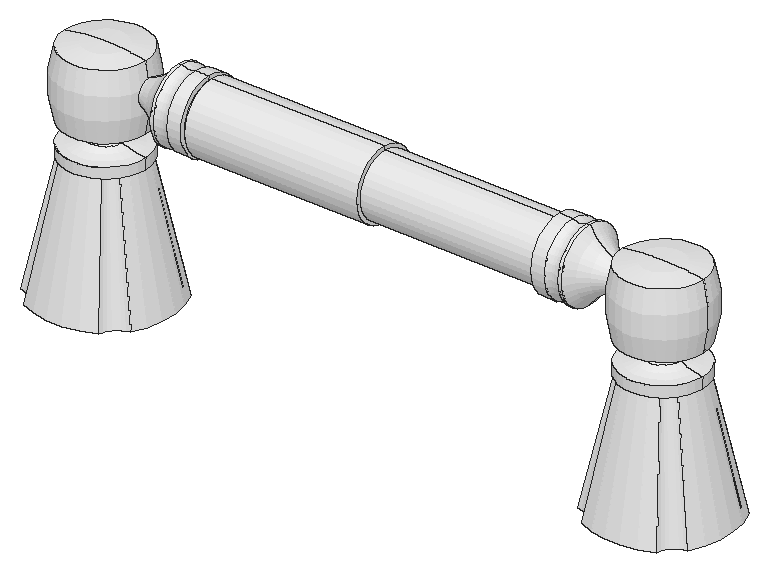
Revit family "Paper-Holder_Traditional_Guinevere_YP970_TOTO", category Furniture, host Face, Revit 2013
Parameters
  ecoScorecard_data = " "
  ecoScorecard Product Page = "  "
  Width = 0' - 9 7/8"  # constant formula
  Warranty URL = "http://www.totousa.com/warranty-registration"
  Warranty = "Lifetime Limited Warranty (Residential Use), One Year (Oil Rubbed Bronze), One Year Limited (Commercial Use)"
  URL = "http://www.totousa.com"
  Toto BIM Number = "BM-00032"  # constant formula
  Subcategory = "Accessories"  # constant formula
  Style = "Traditional"  # constant formula
  Spec Sheet URL = "http://assets.totousa.com/product-files/SS-00005_Y_970.pdf"
  Shipping Weight = 1.00 lbf
  Series = "Guinevere"  # constant formula
  Product Page URL = " "
  Parts Manual URL = " "
  Model = "YP970"  # constant formula
  Manufacturer Toll Free Phone = "1-888-295-8134"  # constant formula
  Manufacturer Phone = "(770) 282-8686 "  # constant formula
  Manufacturer Fax = "(770) 282-0002"  # constant formula
  Manufacturer Email = "mailto:custservice@totousa.com "
  Manufacturer Address = "1155 Southern Road, Morrow, Georgia 30260"  # constant formula
  Manufacturer = "TOTO USA, Inc."  # constant formula
  Height = 0' - 1 27/32"  # constant formula
  Finish = Metal - TOTO - Chrome - Polished
  Description = "Paper Holder"  # constant formula
  Depth = 0' - 3 1/4"  # constant formula
  Default Elevation = 2' - 0"  # constant formula
  Cost Info = "mailto:custservice@totousa.com "
  Color Availability = "#CP  Polished Chrome, #BN  Brushed Nickel, #PN  Polished Nickel, #RB Oil Rubbed Bronze"
  CAD Drawing URL = "http://assets.totousa.com/product-files/AD-00112_YP970.dxf"
  Assembly Code = "C1030220"
  95 CSI = "10800"
  04 CSI = "10 28 00"
Reference planes (in)
  plane 1 "Center (Front/Back)": y = 0
  plane 2: z = 0
  plane 3 "Center (Left/Right)": x = 0
  plane 4: x = 4.9375
  plane 5: x = -4.9375
  plane 6: x = 4.00781
  plane 7: x = -4.00781
  plane 8: z = 1.78
  plane 9: z = 3.25
  plane 10: y = -0.92187
  plane 11: y = 0.92187
  plane 12: z = 2.79687
Dimensions and locks (in)
  equal spacing: plane 5, plane 3 "Center (Left/Right)", plane 4
  "Width": plane 5 to plane 4
  equal spacing: plane 7, plane 3 "Center (Left/Right)", plane 6
  locked: plane 7 to plane 6 at 8.01563
  "Depth": plane 9 to plane 2
  locked: plane 8 to plane 2 at 1.78
  equal spacing: plane 11, plane 1 "Center (Front/Back)", plane 10, locked at 0.92187 each
  "Height": plane 11 to plane 10
  locked: plane 12 to plane 2 at 2.79688
  aligned and locked: plane 2 to host face
  aligned and locked: level to host face
  aligned and locked: plane 1 "Center (Front/Back)" to nested 1
  aligned and locked: plane 3 "Center (Left/Right)" to nested 1
Automatic sketch dimensions
  host sketch curve to host sketch curve = 2' - 0"  (x2)
Nested families (in)
  nested 1: "YP970" at (0, 0, 0), type "YP970"
Definition of nested family "YP970"
  Parameters (values of type "YP970")
    Width = 0' - 9 55/64"  # constant formula
    URL = ""
    Shipping Weight = 1.00 lbf
    Model = "YP970"
    Manufacturer = ""
    Height = 0' - 1 27/32"  # constant formula
    Finish = Metal - TOTO - Chrome - Polished
    Description = "Paper Holder"  # constant formula
    Depth = 0' - 3 15/64"  # constant formula
    Default Elevation = 2' - 0"  # constant formula
    Assembly Code = ""
  Reference planes (in)
    plane 1 "Center (Front/Back)": y = 0
    plane 2: z = 0
    plane 3 "Center (Left/Right)": x = 0
    plane 4: x = 4.92969
    plane 5: x = -4.92969
    plane 6: x = 4.00781
    plane 7: x = -4.00781
    plane 8: z = 1.78
    plane 9: y = -0.54
    plane 10: y = -0.79187
    plane 11: y = 0.54
    plane 12: y = 0.79187
    plane 13: x = -4.54781
    plane 14: x = -3.46781
    plane 15: x = -3.21594
    plane 16: x = -4.79969
    plane 17: y = -0.44828
    plane 18: y = -0.30569
    plane 19: y = 0.44828
    plane 20: y = 0.30569
    plane 21: x = -3.70212
    plane 22: x = -3.55953
    plane 23: x = -4.31351
    plane 24: x = -4.45609
    plane 25: z = 3.23438
    plane 26: y = -0.54
    plane 27: y = -0.79187
    plane 28: y = 0.54
    plane 29: y = 0.79187
    plane 30: x = 4.54781
    plane 31: x = 3.46781
    plane 32: x = 3.21594
    plane 33: x = 4.79969
    plane 34: y = -0.44828
    plane 35: y = -0.30569
    plane 36: y = 0.44828
    plane 37: y = 0.30569
    plane 38: x = 3.70212
    plane 39: x = 3.55953
    plane 40: x = 4.31351
    plane 41: x = 4.45609
    plane 42: y = -0.92187
    plane 43: y = 0.92187
    plane 44: z = 2.79687
    plane 45: z = 2.95187
  Forms (in)
    Extrusion 1, solid
      sketch origin (0, 0, 0) x (1, 0, 0) y (0, 1, 0)
        loop
          line (-12, 12) -> (-12, -12) -> (12, -12) -> (12, 12) -> (-12, 12)
      from 0 to -2.14082
    SweptBlend 2, solid, material "Metal - TOTO - Chrome - Polished" <- "Finish"
      path origin (0, 0, 0) x (1, 0, 0) y (0, 0, 1)
        loop
          line (-4.00781, 0) -> (-4.00781, 1.78)
      profile origin (-4.00781, 0, 0) x (-1, 0, 0) y (0, -1, 0)
        loop
          arc (-0.54, 0.79187) -> (-0.62072, 0.62072) -> (-0.79187, 0.54) r 0.28
          arc (-0.79187, 0.54) -> (-0.92187, 0) -> (-0.79187, -0.54) r 1.18654
          arc (-0.79187, -0.54) -> (-0.62072, -0.62072) -> (-0.54, -0.79187) r 0.28
          arc (-0.54, -0.79187) -> (0, -0.92187) -> (0.54, -0.79187) r 1.18654
          arc (0.54, -0.79187) -> (0.62072, -0.62072) -> (0.79187, -0.54) r 0.28
          arc (0.79187, -0.54) -> (0.92187, 0) -> (0.79187, 0.54) r 1.18654
          arc (0.79187, 0.54) -> (0.62072, 0.62072) -> (0.54, 0.79187) r 0.28
          arc (0.54, 0.79187) -> (0, 0.92187) -> (-0.54, 0.79187) r 1.18654
      end profile origin (-4.00781, 0, 1.78) x (-1, 0, 0) y (0, -1, 0)
        loop
          arc (-0.30569, 0.44828) -> (-0.35139, 0.35139) -> (-0.44828, 0.30569) r 0.15851
          arc (-0.44828, 0.30569) -> (-0.52187, 0) -> (-0.44828, -0.30569) r 0.6717
          arc (-0.44828, -0.30569) -> (-0.35139, -0.35139) -> (-0.30569, -0.44828) r 0.15851
          arc (-0.30569, -0.44828) -> (0, -0.52187) -> (0.30569, -0.44828) r 0.6717
          arc (0.30569, -0.44828) -> (0.35139, -0.35139) -> (0.44828, -0.30569) r 0.15851
          arc (0.44828, -0.30569) -> (0.52187, 0) -> (0.44828, 0.30569) r 0.6717
          arc (0.44828, 0.30569) -> (0.35139, 0.35139) -> (0.30569, 0.44828) r 0.15851
          arc (0.30569, 0.44828) -> (0, 0.52187) -> (-0.30569, 0.44828) r 0.6717
    Revolve 3, solid, material "Metal - TOTO - Chrome - Polished" <- "Finish"
      sketch origin (0, 0, 0) x (1, 0, 0) y (0, 0, 1)
        loop
          line (-3.43281, 1.78) -> (-3.43281, 1.93)
          arc (-3.43281, 1.93) -> (-3.60007, 1.95206) -> (-3.75588, 2.01672) r 0.64513
          arc (-3.75588, 2.01672) -> (-3.77194, 2.0328) -> (-3.77781, 2.05475) r 0.04393
          line (-3.77781, 2.05475) -> (-3.77781, 2.24) -> (-3.42781, 2.24)
          arc (-3.42781, 2.24) -> (-3.35781, 2.71) -> (-3.42781, 3.18) r 1.61286
          arc (-3.42781, 3.18) -> (-3.71614, 3.225) -> (-4.00781, 3.23438) r 2.38
          line (-4.00781, 3.23438) -> (-4.00781, 1.78) -> (-3.43281, 1.78)
        axis (-4.00781, 1.78) -> (-4.00781, 3.23438)
      angle from 0 to 360
    SweptBlend 4, solid, material "Metal - TOTO - Chrome - Polished" <- "Finish"
      path origin (0, 0, 0) x (-1, 0, 0) y (0, 0, 1)
        loop
          line (-4.00781, 0) -> (-4.00781, 1.78)
      profile origin (4.00781, 0, 0) x (-1, 0, 0) y (0, -1, 0)
        loop
          arc (0.54, 0.79187) -> (0, 0.92187) -> (-0.54, 0.79187) r 1.18654
          arc (-0.54, 0.79187) -> (-0.62072, 0.62072) -> (-0.79187, 0.54) r 0.28
          arc (-0.79187, 0.54) -> (-0.92187, 0) -> (-0.79187, -0.54) r 1.18654
          arc (-0.79187, -0.54) -> (-0.62072, -0.62072) -> (-0.54, -0.79187) r 0.28
          arc (-0.54, -0.79187) -> (0, -0.92187) -> (0.54, -0.79187) r 1.18654
          arc (0.54, -0.79187) -> (0.62072, -0.62072) -> (0.79187, -0.54) r 0.28
          arc (0.79187, -0.54) -> (0.92187, 0) -> (0.79187, 0.54) r 1.18654
          arc (0.79187, 0.54) -> (0.62072, 0.62072) -> (0.54, 0.79187) r 0.28
      end profile origin (4.00781, 0, 1.78) x (-1, 0, 0) y (0, -1, 0)
        loop
          arc (0.30569, 0.44828) -> (0, 0.52187) -> (-0.30569, 0.44828) r 0.6717
          arc (-0.30569, 0.44828) -> (-0.35139, 0.35139) -> (-0.44828, 0.30569) r 0.15851
          arc (-0.44828, 0.30569) -> (-0.52187, 0) -> (-0.44828, -0.30569) r 0.6717
          arc (-0.44828, -0.30569) -> (-0.35139, -0.35139) -> (-0.30569, -0.44828) r 0.15851
          arc (-0.30569, -0.44828) -> (0, -0.52187) -> (0.30569, -0.44828) r 0.6717
          arc (0.30569, -0.44828) -> (0.35139, -0.35139) -> (0.44828, -0.30569) r 0.15851
          arc (0.44828, -0.30569) -> (0.52187, 0) -> (0.44828, 0.30569) r 0.6717
          arc (0.44828, 0.30569) -> (0.35139, 0.35139) -> (0.30569, 0.44828) r 0.15851
    Revolve 5, solid, material "Metal - TOTO - Chrome - Polished" <- "Finish"
      sketch origin (0, 0, 0.07687) x (1, 0, 0) y (0, 0, 1)
        loop
          line (0, 3.21) -> (-2.47536, 3.21) -> (-2.47536, 3.17602) -> (-2.51702, 3.17602) -> (-2.51702, 3.23438) -> (-2.71332, 3.23438)
          arc (-2.71332, 3.23438) -> (-2.81147, 3.20991) -> (-2.90962, 3.23438) r 0.20915
          line (-2.90962, 3.23438) -> (-2.95336, 3.23438)
          arc (-2.95336, 3.23438) -> (-3.18622, 3.00073) -> (-3.49118, 2.875) r 0.83841
          line (-3.49118, 2.875) -> (-3.49118, 2.72) -> (3.49118, 2.72) -> (3.49118, 2.875)
          arc (3.49118, 2.875) -> (3.18622, 3.00073) -> (2.95336, 3.23438) r 0.83841
          line (2.95336, 3.23438) -> (2.90962, 3.23438)
          arc (2.90962, 3.23438) -> (2.81147, 3.20991) -> (2.71332, 3.23438) r 0.20915
          line (2.71332, 3.23438) -> (2.51702, 3.23438) -> (2.51702, 3.16) -> (0, 3.16) -> (0, 3.21)
        axis (-3.49118, 2.72) -> (3.49118, 2.72)
      angle from 0 to 360
    Revolve 6, solid, material "Metal - TOTO - Chrome - Polished" <- "Finish"
      sketch origin (0, 0, 0) x (-1, 0, 0) y (0, 0, 1)
        loop
          line (-3.43281, 1.78) -> (-3.43281, 1.93)
          arc (-3.43281, 1.93) -> (-3.60007, 1.95206) -> (-3.75588, 2.01672) r 0.64513
          arc (-3.75588, 2.01672) -> (-3.77194, 2.0328) -> (-3.77781, 2.05475) r 0.04393
          line (-3.77781, 2.05475) -> (-3.77781, 2.24) -> (-3.42781, 2.24)
          arc (-3.42781, 2.24) -> (-3.35781, 2.71) -> (-3.42781, 3.18) r 1.61286
          arc (-3.42781, 3.18) -> (-3.71614, 3.225) -> (-4.00781, 3.23438) r 2.38
          line (-4.00781, 3.23438) -> (-4.00781, 1.78) -> (-3.43281, 1.78)
        axis (-4.00781, 1.78) -> (-4.00781, 3.23438)
      angle from 0 to 360
  Lines and regions (in)
    symbolic lines
      curve 1: line (-4.23781, 0.92187, 2.24) -> (-3.77781, 0.92187, 2.24)
      curve 2: line (-4.58281, 0.92187, 1.93) -> (-3.43281, 0.92187, 1.93)
      curve 3: line (-3.48594, 0.92187, 1.78) -> (-4.52969, 0.92187, 1.78)
      curve 4: line (4.58281, 0.92187, 1.93) -> (3.43281, 0.92187, 1.93)
      curve 5: line (3.48594, 0.92187, 1.78) -> (4.52969, 0.92187, 1.78)
      curve 6: line (3.77781, 0.92187, 2.24) -> (4.23781, 0.92187, 2.24)
      curve 7: arc (3.37983, 0.92187, 2.98001) -> (3.45449, 0.92187, 2.78828) -> (3.36017, 0.92187, 2.60541) r 0.25019
      curve 8: arc (-3.37983, 0.92187, 2.98001) -> (-3.45449, 0.92187, 2.78828) -> (-3.36017, 0.92187, 2.60541) r 0.25019
      curve 9: line (2.95336, 0.92187, 2.2825) -> (2.95336, 0.92187, 3.31125)
      curve 10: line (-2.95336, 0.92187, 2.2825) -> (-2.95336, 0.92187, 3.31125)
      curve 11: line (-2.51702, 0.92187, 3.25289) -> (-2.51702, 0.92187, 2.34086)
      curve 12: line (-2.47536, 0.92187, 3.25289) -> (-2.47536, 0.92187, 2.34086)
      curve 13: line (0, 0.92187, 3.23688) -> (0, 0.92187, 2.35688)
      curve 14: line (2.51702, 0.92187, 3.23688) -> (2.51702, 0.92187, 2.35688)
  Dimensions and locks (in)
    equal spacing: plane 5, plane 3 "Center (Left/Right)", plane 4
    "Width": plane 5 to plane 4
    equal spacing: plane 7, plane 3 "Center (Left/Right)", plane 6
    locked: plane 7 to plane 6 at 8.01563
    equal spacing: plane 9, plane 1 "Center (Front/Back)", plane 11, locked at 0.54 each
    equal spacing: plane 12, plane 1 "Center (Front/Back)", plane 10, locked at 0.79187 each
    equal spacing: plane 16, plane 7, plane 15, locked at 0.79187 each
    equal spacing: plane 13, plane 7, plane 14, locked at 0.54 each
    equal spacing: plane 18, plane 1 "Center (Front/Back)", plane 20, locked at 0.30569 each
    equal spacing: plane 19, plane 1 "Center (Front/Back)", plane 17, locked at 0.44828 each
    equal spacing: plane 23, plane 7, plane 21, locked at 0.30569 each
    equal spacing: plane 24, plane 7, plane 22, locked at 0.44828 each
    "Depth": plane 25 to plane 2
    locked: plane 8 to plane 2 at 1.78
    locked: Revolve 3 sketch curve to plane 8 at 0.46
    locked: Revolve 3 sketch curve to plane 8 at 0.15
    locked: Revolve 3 sketch curve to plane 7 at 0.58  (x2)
    locked: Revolve 3 sketch curve to plane 7 at 0.575
    locked: plane 7 to Revolve 3 sketch curve at 0.23
    plane 26 to plane 28 = 0' - 1.08"
    plane 29 to plane 27 = 0' - 1.58375"
    plane 32 to plane 33 = 0' - 1.58375"
    plane 31 to plane 30 = 0' - 1.08"
    plane 35 to plane 37 = 0' - 0.61139"
    plane 36 to plane 34 = 0' - 0.89656"
    plane 38 to plane 40 = 0' - 0.61139"
    plane 39 to plane 41 = 0' - 0.89656"
    equal spacing: plane 43, plane 1 "Center (Front/Back)", plane 42, locked at 0.92187 each
    "Height": plane 43 to plane 42
    locked: plane 45 to plane 44 at 0.155
    locked: Revolve 5 sketch curve to plane 44 at 0.44
    locked: Revolve 5 sketch curve to plane 44 at 0.49
    locked: plane 44 to plane 2 at 2.79688
    equal spacing: Revolve 5 sketch curve, plane 3 "Center (Left/Right)", Revolve 5 sketch curve
    locked: Revolve 5 sketch curve to Revolve 5 sketch curve at 6.98235
    locked: Revolve 5 sketch curve to plane 3 "Center (Left/Right)" at 2.51702
    locked: plane 3 "Center (Left/Right)" to Revolve 5 sketch curve at 2.51702
    Revolve 5 sketch curve to Revolve 5 sketch curve to plane 3 "Center (Left/Right)" = 0' - 0.1963" locked, 0' - 2.71332" locked
    locked: Revolve 6 sketch curve to plane 8 at 0.46
    locked: Revolve 6 sketch curve to plane 6 at 0.575
    locked: Revolve 6 sketch curve to plane 6 at 0.23
    locked: Revolve 6 sketch curve to plane 6 at 0.58
    radius of SweptBlend 2 sketch curve = 0' - 1.18654"  (x4)
    radius of SweptBlend 2 sketch curve = 0' - 0.28"  (x4)
    radius of SweptBlend 2 sketch curve = 0' - 0.6717"  (x4)
    radius of SweptBlend 2 sketch curve = 0' - 0.15851"  (x4)
    radius of Revolve 3 sketch curve = 0' - 0.64513"
    radius of Revolve 3 sketch curve = 0' - 1.61286"
    radius of Revolve 3 sketch curve = 0' - 2.38"
    radius of SweptBlend 4 sketch curve = 0' - 1.18654"  (x4)
    radius of SweptBlend 4 sketch curve = 0' - 0.28"  (x4)
    radius of SweptBlend 4 sketch curve = 0' - 0.6717"  (x4)
    radius of SweptBlend 4 sketch curve = 0' - 0.15851"  (x4)
    radius of Revolve 5 sketch curve = 0' - 0.83841"  (x2)
    radius of Revolve 5 sketch curve = 0' - 0.20915"  (x2)
    radius of Revolve 6 sketch curve = 0' - 0.64513"
    radius of Revolve 6 sketch curve = 0' - 1.61286"
    radius of Revolve 6 sketch curve = 0' - 2.38"
    aligned and locked: plane 2 to Extrusion 1
    aligned and locked: level to Extrusion 1
    aligned and locked: level to SweptBlend 2 sketch curve
    aligned and locked: plane 7 to SweptBlend 2 sketch curve
    aligned and locked: plane 11 to SweptBlend 2 sketch curve  (x2)
    aligned and locked: plane 12 to SweptBlend 2 sketch curve  (x2)
    aligned and locked: plane 9 to SweptBlend 2 sketch curve  (x2)
    aligned and locked: plane 10 to SweptBlend 2 sketch curve  (x2)
    aligned and locked: plane 15 to SweptBlend 2 sketch curve  (x2)
    aligned and locked: plane 14 to SweptBlend 2 sketch curve  (x2)
    aligned and locked: plane 13 to SweptBlend 2 sketch curve  (x2)
    aligned and locked: plane 16 to SweptBlend 2 sketch curve  (x2)
    aligned and locked: SweptBlend 2 to Revolve 3 sketch curve
    aligned and locked: plane 7 to Revolve 3 sketch curve  (x2)
    aligned and locked: Revolve 3 sketch curve to plane 8
    aligned and locked: plane 25 to Revolve 3 sketch curve
    aligned and locked: plane 28 to SweptBlend 4 sketch curve  (x2)
    aligned and locked: plane 29 to SweptBlend 4 sketch curve  (x2)
    aligned and locked: plane 26 to SweptBlend 4 sketch curve  (x2)
    aligned and locked: plane 27 to SweptBlend 4 sketch curve  (x2)
    aligned and locked: SweptBlend 4 sketch curve to plane 32  (x2)
    aligned and locked: SweptBlend 4 sketch curve to plane 31  (x2)
    aligned and locked: SweptBlend 4 sketch curve to plane 30  (x2)
    aligned and locked: SweptBlend 4 sketch curve to plane 33  (x2)
    aligned and locked: SweptBlend 4 sketch curve to plane 6
    aligned and locked: plane 8 to SweptBlend 4 sketch curve
    aligned and locked: plane 2 to SweptBlend 4 sketch curve
    aligned and locked: Revolve 3 to Revolve 3
    aligned and locked: Revolve 5 sketch curve to plane 44  (x2)
    aligned and locked: plane 45 to Revolve 5 sketch curve  (x2)
    aligned and locked: Revolve 5 to Revolve 5  (x2)
    aligned and locked: Revolve 5 sketch curve to plane 3 "Center (Left/Right)"
    aligned and locked: Revolve 6 to Revolve 6
    aligned and locked: Revolve 6 sketch curve to plane 6
    aligned and locked: plane 8 to Revolve 6 sketch curve
    aligned and locked: plane 25 to Revolve 6 sketch curve
    aligned and locked: plane 1 "Center (Front/Back)" to Revolve 5 sketch curve
    aligned and locked: curve 2 to Revolve 3
    aligned and locked: Revolve 3 to curve 3
    aligned and locked: curve 4 to Revolve 6
    aligned and locked: Revolve 6 to curve 5
    aligned and locked: Revolve 6 to curve 6
    aligned and locked: curve 9 to Revolve 5
    aligned and locked: curve 10 to Revolve 5
    aligned and locked: Revolve 5 to curve 11
    aligned and locked: Revolve 5 to curve 12
    aligned and locked: Revolve 5 to curve 13
    aligned and locked: Revolve 5 to curve 14
  Automatic sketch dimensions
    Extrusion 1 sketch curve to Extrusion 1 sketch curve = 2' - 0"  (x2)
    SweptBlend 2 sketch curve to plane 8 = 0' - 0"
    SweptBlend 2 sketch curve to plane 18 = 0' - 0"  (x2)
    SweptBlend 2 sketch curve to plane 22 = 0' - 0"  (x2)
    plane 20 to SweptBlend 2 sketch curve = 0' - 0"  (x2)
    plane 19 to SweptBlend 2 sketch curve = 0' - 0"  (x2)
    SweptBlend 2 sketch curve to plane 21 = 0' - 0"  (x2)
    SweptBlend 2 sketch curve to plane 17 = 0' - 0"  (x2)
    plane 1 "Center (Front/Back)" to SweptBlend 2 sketch curve = 0' - 0"
    SweptBlend 2 sketch curve to profile plane = 0' - 0"  (x2)
    SweptBlend 2 sketch curve to plane 24 = 0' - 0"
    Revolve 3 sketch curve to plane 25 = 0' - 0"
    Revolve 3 sketch curve to plane 5 = 0' - 0.04098"
    Revolve 3 sketch curve to Revolve 3 sketch curve = 0' - 0.02193"
    Revolve 3 sketch curve to Revolve 3 sketch curve = 0' - 0"
    SweptBlend 4 sketch curve to plane 35 = 0' - 0"  (x2)
    SweptBlend 4 sketch curve to plane 41 = 0' - 0"  (x2)
    plane 37 to SweptBlend 4 sketch curve = 0' - 0"  (x2)
    SweptBlend 4 sketch curve to plane 34 = 0' - 0"  (x2)
    SweptBlend 4 sketch curve to plane 40 = 0' - 0"  (x2)
    plane 36 to SweptBlend 4 sketch curve = 0' - 0"  (x2)
    plane 1 "Center (Front/Back)" to SweptBlend 4 sketch curve = 0' - 0"
    SweptBlend 4 sketch curve to profile plane = 0' - 0"  (x2)
    SweptBlend 4 sketch curve to plane 39 = 0' - 0"
    plane 7 to Revolve 5 sketch curve = 0' - 0.35578"
    Revolve 5 sketch curve to Revolve 5 sketch curve = 0' - 0.04374"  (x2)
    Revolve 5 sketch curve to Revolve 5 sketch curve = 0' - 0.09815"  (x2)
    plane 25 to Revolve 5 sketch curve = 0' - 0.01852"
    Revolve 5 sketch curve to Revolve 5 sketch curve = 0' - 0.04166"
    plane 25 to Revolve 5 sketch curve = 0' - 0.07688"  (x2)
    Revolve 5 sketch curve to Revolve 5 sketch curve = 0' - 0.1963"
    Revolve 5 sketch curve to plane 4 = 0' - 1"
    Revolve 5 sketch curve to Revolve 5 sketch curve = 0' - 2.12537"
    plane 6 to Revolve 6 sketch curve = 0' - 0"
    Revolve 6 sketch curve to plane 8 = 0' - 0"
    Revolve 6 sketch curve to plane 25 = 0' - 0"
    plane 4 to Revolve 6 sketch curve = 0' - 0.04098"
    Revolve 6 sketch curve to Revolve 6 sketch curve = 0' - 0.02193"
    Revolve 6 sketch curve to Revolve 6 sketch curve = 0' - 0"
    Revolve 6 sketch curve to Revolve 6 sketch curve = 0' - 0.005"
    Revolve 6 sketch curve to Revolve 6 sketch curve = 0' - 0.15"
    curve 7 to plane 44 = 0' - 0.00451"
    curve 7 to curve 9 = 0' - 0.25129"
    curve 7 to curve 7 = 0' - 0.15552"
    curve 7 to curve 7 = 0' - 0.17518"
    curve 4 to plane 6 = 0' - 0.575"
    curve 5 to curve 4 = 0' - 0.05313"
    curve 6 to plane 6 = 0' - 0.23"
    plane 6 to curve 6 = 0' - 0.23"
    curve 5 to plane 4 = 0' - 0.4"
    curve 4 to curve 5 = 0' - 0.05313"
    curve 8 to plane 44 = 0' - 0.00451"
    curve 10 to curve 8 = 0' - 0.25129"
    curve 8 to curve 8 = 0' - 0.15552"
    curve 8 to curve 8 = 0' - 0.17518"
    curve 2 to plane 7 = 0' - 0.575"
    curve 2 to curve 3 = 0' - 0.05313"
    curve 1 to plane 7 = 0' - 0.23"
    plane 7 to curve 1 = 0' - 0.23"
    curve 3 to plane 5 = 0' - 0.4"
    curve 3 to curve 2 = 0' - 0.05313"
    curve 1 to plane 8 = 0' - 0.46"
    curve 10 to plane 8 = 0' - 0.5025"
    curve 9 to plane 8 = 0' - 0.5025"
    curve 10 to curve 11 = 0' - 0.05836"
    curve 12 to curve 11 = 0' - 0"
    plane 44 to curve 14 = 0' - 0.44"
    plane 44 to curve 13 = 0' - 0.44"
    plane 44 to curve 7 = 0' - 0.19146"
    plane 44 to curve 8 = 0' - 0.19146"
    curve 13 to plane 25 = 0' - 0.0025"
    curve 14 to plane 25 = 0' - 0.0025"
    curve 12 to plane 25 = 0' - 0.01852"
    curve 11 to plane 25 = 0' - 0.01852"
    curve 9 to plane 25 = 0' - 0.07688"
    curve 10 to plane 25 = 0' - 0.07688"
